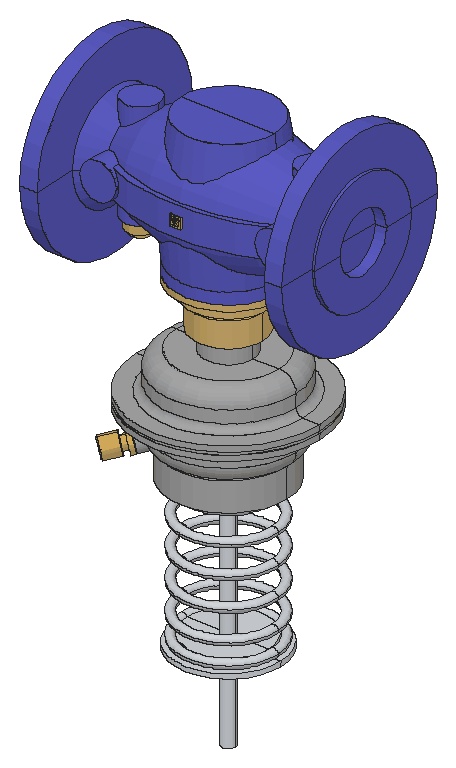
Revit family "Differenzdruckregler F_4007_HT_50-150kPa", category Rohrzubehör, Revit 2021
Family settings
  Bemaßung runder Anschluss = Durchmesser verwenden
  Teiletyp = Unterbricht
  OmniClass-Nummer = 23.65.55.14
  OmniClass-Titel = Valves for Liquid Services
  Arbeitsebenenbasiert = Nein
  Immer vertikal = Ja
  Beim Laden mit Abzugskörper schneiden = Nein
  Gemeinsam genutzt = Nein
Parameters
  Vorgabe-Ansicht = 0 mm
  Min. Betriebstemperatur (Frostschutz) = -10 °C  # constant formula
  Min. Betriebstemperatur = 2 °C  # constant formula
  Max. Betriebsdruck = 1600000.0 Pa  # constant formula
  Max. Betriebstemperatur = 150 °C  # constant formula
  URL = "www.herz-armaturen.at"
  Sollwertfeder = "EN 10270-1-SH"  # constant formula
  SCRNSEQ = "ARM;ARM_TYP=\"DIFR\";2"
  SCRNCODE = "05;03;02"  # constant formula
  S02 [instance] = H03 + H13  # 122 mm
  S01 [instance] = (2 * H02) + (2 * H04) + H05  # 72.7 mm
  R99 = 14 mm  # constant formula
  R98 = 6 mm  # constant formula
  R97 = 2 mm  # constant formula
  R02 = 15.5 mm  # constant formula
  R01 [instance] = size_lookup("4007_F_HT50-150", "R1", 45.5 mm, Nennweite)  # 45.5 mm
  R00 [instance] = size_lookup("4007_F_HT50-150", "R", 53 mm, Nennweite)  # 53 mm
  Nennweite [instance] = 50 mm
  Membrane und O-RInge = "EPDM"  # constant formula
  Medium = "Die Verwendung von Ethylen- und Propylenglykol ist im Mischungsverhältnis 25 - 50 % zulässig. Heizwasserqualität entsprechend ÖNORM H 5195 bzw. VDI-Richtlinie 2035"
  L05 [instance] = L04 - 6.3 mm  # 74.7 mm
  L04 [instance] = size_lookup("4007_F_HT50-150", "L4", 81 mm, Nennweite)  # 81 mm
  L03 = 10 mm  # constant formula
  L02 [instance] = size_lookup("4007_F_HT50-150", "L2", 15 mm, Nennweite)  # 15 mm
  L01 = 3 mm  # constant formula
  L00 [instance] = size_lookup("4007_F_HT50-150", "L", 115 mm, Nennweite)  # 115 mm
  Hersteller = "HERZ Armaturen Ges.m.b.H."  # constant formula
  H19 [instance] = size_lookup("4007_F_HT50-150", "H19", 9 mm, Nennweite)  # 424 mm
  H18 [instance] = H19 - 75 mm  # 349 mm
  H17 = 6 mm  # constant formula
  H16 = 10 mm  # constant formula
  H15 = 24.5 mm  # constant formula
  H14 = 5 mm  # constant formula
  H13 = 17 mm  # constant formula
  H12 [instance] = R00 + 4 mm  # 57 mm
  H11 [instance] = R00 + 10 mm  # 63 mm
  H10 = 5 mm  # constant formula
  H09 [instance] = size_lookup("4007_F_HT50-150", "H9", 9 mm, Nennweite)  # 9 mm
  H08 = 21 mm  # constant formula
  H07 [instance] = R00 + 23.4 mm  # 76.4 mm
  H06 [instance] = D12 + 15 mm  # 45.5 mm
  H05 = 2.5 mm  # constant formula
  H04 = 4.6 mm  # constant formula
  H03 [instance] = H08 + H09 + H10 + H11 + H14 + R97  # 105 mm
  H02 [instance] = size_lookup("4007_F_HT50-150", "H2", 30.5 mm, Nennweite)  # 30.5 mm
  H01 [instance] = size_lookup("4007_F_HT50-150", "H1", 210 mm, Nennweite)  # 205 mm
  Gehäuse = "Grauguss GJL250 nach EN 1561"  # constant formula
  Differenzdruck Einstellbereich = "50-150 kPa"  # constant formula
  DN65 [instance] = Nennweite = 65 mm  # no
  DN50 [instance] = Nennweite = 50 mm  # yes
  D17 = 6 mm  # constant formula
  D16 = 45 mm  # constant formula
  D15 = 35 mm  # constant formula
  D14 = 50 mm  # constant formula
  D13 [instance] = D11 + 10 mm  # 50 mm
  D12 [instance] = R01 - 15 mm  # 30.5 mm
  D11 [instance] = size_lookup("4007_F_HT50-150", "D11", 40 mm, Nennweite)  # 40 mm
  D10 [instance] = D11 + 5 mm  # 45 mm
  D09 [instance] = D11 - 5 mm  # 35 mm
  D08 = 24 mm  # constant formula
  D07 = 29.5 mm  # constant formula
  D06 [instance] = size_lookup("4007_F_HT50-150", "D6", 51 mm, Nennweite)  # 57.8 mm
  D05 [instance] = D04 - 1 mm  # 77 mm
  D04 [instance] = size_lookup("4007_F_HT50-150", "D4", 51 mm, Nennweite)  # 78 mm
  D03 = 21 mm  # constant formula
  D02 [instance] = Nennweite / 2  # 25 mm
  D01 [instance] = size_lookup("4007_F_HT50-150", "D1", 51 mm, Nennweite)  # 51 mm
  D00 [instance] = size_lookup("4007_F_HT50-150", "D", 82.5 mm, Nennweite)  # 82.5 mm
  Bestellnummer [instance] = if(Nennweite = 50 mm, "F400756", if(Nennweite = 65 mm, "F400757", "0"))  # "F400756"
  Ausführung = "Der Differenzdruckregler ist ein Proportionalregler in Geradsitzausführung und arbeitet ohne Hilfsenergie für Zweirohranlagen. Der gewünschte Differenzdruck- Sollwert kann zwischen 50 und 150 kPa stufenlos eingestellt werden."
  Anwendung = "Für Heizungs- und Kühlanlagen um den Differenzdruck innerhalb des regeltechnischen Bereiches konstant zu halten."
  Anschlussflansch = "EN 1092-2"  # constant formula
Reference planes
  plane 1 "Mitte (Vorne/hinten)": y = 0
  plane 2: z = -0.015
  plane 3 "Mitte (Links/rechts)": x = 0
Forms (mm)
  Revolve 1, solid, material "Herz-Marineblau", detail levels fine
    sketch origin (1065, 0, 0) x (1, 0, 0) y (0, 1, 0)
      loop
        line (-1177, 82.5) -> (-1177, 51) -> (-1180, 51) -> (-1180, 25) -> (-1170, 25) -> (-1170, 0) -> (-960, 0) -> (-960, 25) -> (-950, 25) -> (-950, 51) -> (-953, 51) -> (-953, 82.5) -> (-968, 82.5) -> (-968, 45.5) -> (-984, 30.5)
        arc (-984, 30.5) -> (-1065, 53) -> (-1146, 30.5) r 157.05
        line (-1146, 30.5) -> (-1162, 45.5) -> (-1162, 82.5) -> (-1177, 82.5)
      axis (-1180, 0) -> (-950, 0)
    angle from 0 to 360
  Extrusion 2, solid, material "Herz-Marineblau", detail levels fine
    sketch origin (0, 0, 0) x (1, 0, 0) y (0, 1, 0)
      loop
        circle (-74.7, 0) r 15.5
      loop
        circle (74.7, 0) r 15.5
    from -45.515 to 45.485
  Extrusion 3, solid, material "Herz-Marineblau", detail levels fine
    sketch origin (0, 0, 0) x (-1, 0, 0) y (0, 0, -1)
      loop
        circle (74.7, 0) r 15.5
      loop
        circle (-74.7, 0) r 15.5
    from -45.5 to 45.5
  Revolve 4, solid, material "Herz-Marineblau", detail levels fine
    sketch origin (92.737, 0, -45.97) x (1, 0, 0) y (0, 0, 1)
      loop
        line (-92.737, 102.955) -> (-92.737, -17.045) -> (-47.737, -17.045) -> (-47.737, -7.045) -> (-42.737, 45.97) -> (-52.737, 102.955) -> (-92.737, 102.955)
      axis (-92.737, 102.955) -> (-92.737, -17.045)
    angle from 0 to 360
  Revolve 5, solid, material "Messing", detail levels fine
    sketch origin (446.725, 0, 35.707) x (1, 0, 0) y (0, 0, 1)
      loop
        line (-446.725, -98.722) -> (-446.725, -140.722) -> (-417.225, -140.722) -> (-417.225, -119.722) -> (-422.725, -119.722) -> (-422.725, -114.722) -> (-411.725, -114.722) -> (-411.725, -105.722)
        arc (-411.725, -105.722) -> (-411.14, -104.308) -> (-409.725, -103.722) r 2
        line (-409.725, -103.722) -> (-401.725, -103.722) -> (-401.725, -98.722) -> (-446.725, -98.722)
      axis (-446.725, -140.722) -> (-446.725, -98.722)
    angle from 0 to 360
  Revolve 6, solid, material "Aluminium", detail levels fine
    sketch origin (925.114, 0, 19.41) x (1, 0, 0) y (0, 0, 1)
      loop
        line (-925.114, -124.425) -> (-925.114, -238.625) -> (-875.114, -238.625) -> (-875.114, -214.125) -> (-881.314, -214.125)
        arc (-881.314, -214.125) -> (-871.414, -210.025) -> (-867.314, -200.125) r 14
        line (-867.314, -200.125) -> (-867.314, -189.625)
        arc (-867.314, -189.625) -> (-865.556, -185.383) -> (-861.314, -183.625) r 6
        line (-861.314, -183.625) -> (-847.114, -183.625) -> (-847.114, -179.025) -> (-848.114, -179.025) -> (-848.114, -176.525) -> (-847.114, -176.525) -> (-847.114, -171.925) -> (-861.314, -171.925)
        arc (-861.314, -171.925) -> (-865.556, -170.168) -> (-867.314, -165.925) r 6
        line (-867.314, -165.925) -> (-867.314, -155.425)
        arc (-867.314, -155.425) -> (-871.414, -145.526) -> (-881.314, -141.425) r 14
        line (-881.314, -141.425) -> (-904.114, -141.425) -> (-904.114, -124.425) -> (-925.114, -124.425)
      axis (-925.114, -124.425) -> (-925.114, -238.625)
    angle from 0 to 360
  Extrusion 7, solid, material "Herz-Marineblau", visible <- "DN50", detail levels fine
    sketch origin (0, 0, 0) x (1, 0, 0) y (0, 1, 0)
      loop
        arc (-74.7, -37.498) -> (0, -56) -> (74.7, -37.498) r 160.05
        line (74.7, -37.498) -> (74.7, 37.498)
        arc (74.7, 37.498) -> (0, 56) -> (-74.7, 37.498) r 160.05
        line (-74.7, 37.498) -> (-74.7, -37.498)
    from -12.5 to 12.5
  Extrusion 8, solid, material "Herz-Marineblau", visible <- "DN65", detail levels fine
    sketch origin (0, 0, 0) x (1, 0, 0) y (0, 1, 0)
      loop
        arc (-104.7, -46.589) -> (0, -68) -> (104.7, -46.589) r 266.699
        line (104.7, -46.589) -> (104.7, 46.589)
        arc (104.7, 46.589) -> (0, 68) -> (-104.7, 46.589) r 266.699
        line (-104.7, 46.589) -> (-104.7, -46.589)
    from -12.5 to 12.5
  Revolve 9, solid, detail levels fine
    sketch origin (0, 0, 0) x (1, 0, 0) y (0, 0, 1)
      loop
        line (0, -349.015) -> (45, -349.015) -> (45, -345.015) -> (35, -345.015) -> (35, -339.015) -> (0, -339.015) -> (0, -349.015)
      axis (0, -339.015) -> (0, -349.015)
    angle from 0 to 360
  Revolve 10, solid, detail levels fine
    sketch origin (0, 0, 0) x (1, 0, 0) y (0, 0, 1)
      loop
        line (0, -214.615) -> (0, -424.015) -> (6, -424.015) -> (6, -214.615) -> (0, -214.615)
      axis (0, -214.615) -> (0, -424.015)
    angle from 0 to 360
  Sweep 11, solid, visible <- "DN50", detail levels fine
    path in 3D
      loop
        arc (-39, 0, -222.715) -> (0, -39, -222.715) -> (39, 0, -222.715) r 39
        arc (39, 0, -222.715) -> (0, 39, -222.715) -> (-39, 0, -222.715) r 39
    profile origin (0, 39, -222.715) x (0, -1, 0) y (0, 0, 1)
      loop
        circle (0, 0) r 3.5
  Sweep 12, solid, visible <- "DN65", detail levels fine
    path in 3D
      loop
        arc (-39, 0, -234.715) -> (0, -39, -234.715) -> (39, 0, -234.715) r 39
        arc (39, 0, -234.715) -> (0, 39, -234.715) -> (-39, 0, -234.715) r 39
    profile origin (0, 39, -234.715) x (0, -1, 0) y (0, 0, 1)
      loop
        circle (0, 0) r 3.5
  Sweep 13, solid, visible <- "DN50", detail levels fine
    path in 3D
      loop
        arc (-39, 0, -247.715) -> (0, -39, -247.715) -> (39, 0, -247.715) r 39
        arc (39, 0, -247.715) -> (0, 39, -247.715) -> (-39, 0, -247.715) r 39
    profile origin (0, 39, -247.715) x (0, -1, 0) y (0, 0, 1)
      loop
        circle (0, 0) r 3.5
  Sweep 14, solid, visible <- "DN50", detail levels fine
    path in 3D
      loop
        arc (-39, 0, -272.715) -> (0, -39, -272.715) -> (39, 0, -272.715) r 39
        arc (39, 0, -272.715) -> (0, 39, -272.715) -> (-39, 0, -272.715) r 39
    profile origin (0, 39, -272.715) x (0, -1, 0) y (0, 0, 1)
      loop
        circle (0, 0) r 3.5
  Sweep 15, solid, visible <- "DN50", detail levels fine
    path in 3D
      loop
        arc (-39, 0, -297.715) -> (0, -39, -297.715) -> (39, 0, -297.715) r 39
        arc (39, 0, -297.715) -> (0, 39, -297.715) -> (-39, 0, -297.715) r 39
    profile origin (0, 39, -297.715) x (0, -1, 0) y (0, 0, 1)
      loop
        circle (0, 0) r 3.5
  Sweep 16, solid, visible <- "DN50", detail levels fine
    path in 3D
      loop
        arc (-39, 0, -322.715) -> (0, -39, -322.715) -> (39, 0, -322.715) r 39
        arc (39, 0, -322.715) -> (0, 39, -322.715) -> (-39, 0, -322.715) r 39
    profile origin (0, 39, -322.715) x (0, -1, 0) y (0, 0, 1)
      loop
        circle (0, 0) r 3.5
  Sweep 17, solid, visible <- "DN50", detail levels fine
    path in 3D
      loop
        arc (-39, 0, -340.715) -> (0, -39, -340.715) -> (39, 0, -340.715) r 39
        arc (39, 0, -340.715) -> (0, 39, -340.715) -> (-39, 0, -340.715) r 39
    profile origin (0, 39, -340.715) x (0, -1, 0) y (0, 0, 1)
      loop
        circle (0, 0) r 3.5
  Sweep 18, solid, visible <- "DN65", detail levels fine
    path in 3D
      loop
        arc (-39, 0, -259.715) -> (0, -39, -259.715) -> (39, 0, -259.715) r 39
        arc (39, 0, -259.715) -> (0, 39, -259.715) -> (-39, 0, -259.715) r 39
    profile origin (0, 39, -259.715) x (0, -1, 0) y (0, 0, 1)
      loop
        circle (0, 0) r 3.5
  Sweep 19, solid, visible <- "DN65", detail levels fine
    path in 3D
      loop
        arc (-39, 0, -284.715) -> (0, -39, -284.715) -> (39, 0, -284.715) r 39
        arc (39, 0, -284.715) -> (0, 39, -284.715) -> (-39, 0, -284.715) r 39
    profile origin (0, 39, -284.715) x (0, -1, 0) y (0, 0, 1)
      loop
        circle (0, 0) r 3.5
  Sweep 20, solid, visible <- "DN65", detail levels fine
    path in 3D
      loop
        arc (-39, 0, -309.715) -> (0, -39, -309.715) -> (39, 0, -309.715) r 39
        arc (39, 0, -309.715) -> (0, 39, -309.715) -> (-39, 0, -309.715) r 39
    profile origin (0, 39, -309.715) x (0, -1, 0) y (0, 0, 1)
      loop
        circle (0, 0) r 3.5
  Sweep 21, solid, visible <- "DN65", detail levels fine
    path in 3D
      loop
        arc (-39, 0, -334.715) -> (0, -39, -334.715) -> (39, 0, -334.715) r 39
        arc (39, 0, -334.715) -> (0, 39, -334.715) -> (-39, 0, -334.715) r 39
    profile origin (0, 39, -334.715) x (0, -1, 0) y (0, 0, 1)
      loop
        circle (0, 0) r 3.5
  Sweep 22, solid, visible <- "DN65", detail levels fine
    path in 3D
      loop
        arc (-39, 0, -341.715) -> (0, -39, -341.715) -> (39, 0, -341.715) r 39
        arc (39, 0, -341.715) -> (0, 39, -341.715) -> (-39, 0, -341.715) r 39
    profile origin (0, 39, -341.715) x (0, -1, 0) y (0, 0, 1)
      loop
        circle (0, 0) r 3.5
  Revolve 23, solid, material "Messing, weicher Gelbton, geschweißt", visible <- "DN50", detail levels fine
    sketch origin (4.769, 5.029, 17.574) x (-0.707107, -0.707107, 0) y (0, 0, -1)
      loop
        line (70.524, 205.006) -> (72.604, 195.224) -> (76.516, 196.056) -> (75.643, 200.164) -> (80.534, 201.204) -> (81.133, 198.384) -> (94.817, 201.293) -> (95.511, 202.887) -> (94, 209.996) -> (70.524, 205.006)
      axis (94, 209.996) -> (70.524, 205.006)
    angle from 0 to 360
  Revolve 24, solid, material "Aluminium", visible <- "DN50", detail levels fine
    sketch origin (-31.293, -31.034, 6.734) x (-0.707107, -0.707107, 0) y (0, 0, -1)
      loop
        line (19.524, 194.165) -> (-44.055, 180.651) -> (-42.08, 171.359) -> (21.5, 184.873) -> (19.524, 194.165)
      axis (-44.055, 180.651) -> (19.524, 194.165)
    angle from 0 to 360
  Revolve 25, solid, material "Messing, weicher Gelbton, geschweißt", visible <- "DN65", detail levels fine
    sketch origin (4.769, 5.029, 5.574) x (-0.707107, -0.707107, 0) y (0, 0, -1)
      loop
        line (70.524, 205.006) -> (72.604, 195.224) -> (76.516, 196.056) -> (75.643, 200.164) -> (80.534, 201.204) -> (81.133, 198.384) -> (94.817, 201.293) -> (95.511, 202.887) -> (94, 209.996) -> (70.524, 205.006)
      axis (94, 209.996) -> (70.524, 205.006)
    angle from 0 to 360
  Revolve 26, solid, material "Aluminium", visible <- "DN65", detail levels fine
    sketch origin (-31.293, -31.034, -5.266) x (-0.707107, -0.707107, 0) y (0, 0, -1)
      loop
        line (19.524, 194.165) -> (-44.055, 180.651) -> (-42.08, 171.359) -> (21.5, 184.873) -> (19.524, 194.165)
      axis (-44.055, 180.651) -> (19.524, 194.165)
    angle from 0 to 360
  Revolve 27, solid, material "Messing, weicher Gelbton, geschweißt", detail levels fine
    sketch origin (30, 0, 10) x (1, 0, 0) y (0, 0, 1)
      loop
        line (-104.7, -55.515) -> (-116.7, -55.515) -> (-116.7, -64.515) -> (-113.7, -64.515) -> (-113.7, -68.015) -> (-104.7, -68.015) -> (-104.7, -55.515)
      axis (-104.7, -68.015) -> (-104.7, -55.515)
    angle from 0 to 360
  Revolve 28, solid, material "Messing, weicher Gelbton, geschweißt", detail levels fine
    sketch origin (-30, 0, 10) x (-1, 0, 0) y (0, 0, -1)
      loop
        line (-104.7, 55.515) -> (-104.7, 68.015) -> (-113.7, 68.015) -> (-113.7, 64.515) -> (-116.7, 64.515) -> (-116.7, 55.515) -> (-104.7, 55.515)
      axis (-104.7, 68.015) -> (-104.7, 55.515)
    angle from 0 to 360
Lines and regions (mm)
  model lines, detail levels coarse+medium
    curve 1: line (-115, 0, 82.485) -> (-115, 0, -82.515)
    curve 2: line (-115, 0, -82.515) -> (115, 0, 82.485)
    curve 3: line (115, 0, 82.485) -> (115, 0, -82.515)
    curve 4: line (115, 0, -82.515) -> (-115, 0, 82.485)
    curve 5: line (-57.5, 0, -41.265) -> (0, 0, -82.515)
    curve 6: line (0, 0, -82.515) -> (57.5, 0, -41.265)
    curve 7: line (0, 0, -82.515) -> (0, 0, -122.015)
    curve 8: spline (-78, 0, -158.365) -> (-75.342, 0, -148.957) -> (-67.55, 0, -140.19) -> (-55.154, 0, -132.662) -> (-39, 0, -126.885) -> (-20.188, 0, -123.254) -> (0, 0, -122.015) -> (20.188, 0, -123.254) -> (39, 0, -126.885) -> (55.154, 0, -132.662) -> (67.55, 0, -140.19) -> (75.342, 0, -148.957) -> (78, 0, -158.365) -> (75.342, 0, -167.773) -> (67.55, 0, -176.54) -> (55.154, 0, -184.069) -> (39, 0, -189.845) -> (20.188, 0, -193.477) -> (0, 0, -194.715) -> (-20.188, 0, -193.477) -> (-39, 0, -189.845) -> (-55.154, 0, -184.069) -> (-67.55, 0, -176.54) -> (-75.342, 0, -167.773) -> (-78, 0, -158.365)
    curve 9: line (-115, -82.5, 0) -> (-115, 82.5, 0)
    curve 10: line (-115, 82.5, 0) -> (115, -82.5, 0)
    curve 11: line (115, -82.5, 0) -> (115, 82.5, 0)
    curve 12: line (115, 82.5, 0) -> (-115, -82.5, 0)
    curve 13: line (-57.5, -41.25, 0) -> (0, -82.5, 0)
    curve 14: line (0, -82.5, 0) -> (57.5, -41.25, 0)
    curve 15: line (0, -82.5, 0) -> (0, -122, 0)
    curve 16: spline (-78, -158.35, 0) -> (-75.342, -148.942, 0) -> (-67.55, -140.175, 0) -> (-55.154, -132.647, 0) -> (-39, -126.87, 0) -> (-20.188, -123.239, 0) -> (0, -122, 0) -> (20.188, -123.239, 0) -> (39, -126.87, 0) -> (55.154, -132.647, 0) -> (67.55, -140.175, 0) -> (75.342, -148.942, 0) -> (78, -158.35, 0) -> (75.342, -167.758, 0) -> (67.55, -176.525, 0) -> (55.154, -184.053, 0) -> (39, -189.83, 0) -> (20.188, -193.461, 0) -> (0, -194.7, 0) -> (-20.188, -193.461, 0) -> (-39, -189.83, 0) -> (-55.154, -184.053, 0) -> (-67.55, -176.525, 0) -> (-75.342, -167.758, 0) -> (-78, -158.35, 0)
  sketch lines
    curve 17: circle (0, 0, -222.715) r 39 normal (0, 0, 1)
    curve 19: circle (0, 0, -234.715) r 39 normal (0, 0, 1)
    curve 22: circle (0, 0, -247.715) r 39 normal (0, 0, 1)
    curve 23: circle (0, 0, -272.715) r 39 normal (0, 0, 1)
    curve 24: circle (0, 0, -297.715) r 39 normal (0, 0, 1)
    curve 25: circle (0, 0, -322.715) r 39 normal (0, 0, 1)
    curve 26: circle (0, 0, -340.715) r 39 normal (0, 0, 1)
    curve 27: circle (0, 0, -259.715) r 39 normal (0, 0, 1)
    curve 28: circle (0, 0, -284.715) r 39 normal (0, 0, 1)
    curve 29: circle (0, 0, -309.715) r 39 normal (0, 0, 1)
    curve 30: circle (0, 0, -334.715) r 39 normal (0, 0, 1)
    curve 31: circle (0, 0, -341.715) r 39 normal (0, 0, 1)
  model lines, visible <- "DN50", detail levels coarse+medium
    curve 18: line (-39, 0, -219.215) -> (39, 0, -219.215)
  model lines, visible <- "DN65", detail levels fine
    curve 20: line (-39, 0, -231.215) -> (39, 0, -231.215)
  model lines, not visible, detail levels fine
    curve 21: line (-39, 0, -238.215) -> (39, 0, -238.215)
Dimensions and locks
  "H06": Extrusion 3 to plane 1 "Mitte (Vorne/hinten)" to Extrusion 3  (x2)
  "L02": Revolve 1 sketch curve to Revolve 1 sketch curve  (x2)
  "L01": Revolve 1 sketch curve to Revolve 1 sketch curve  (x2)
  "L00": Revolve 1 sketch curve to plane 3 "Mitte (Links/rechts)" to Revolve 1 sketch curve
  "L03": Revolve 1 sketch curve to Revolve 1 sketch curve  (x2)
  "D02": plane 1 "Mitte (Vorne/hinten)" to Revolve 1 sketch curve  (x2)
  "L04": plane 3 "Mitte (Links/rechts)" to Revolve 1 sketch curve
  "R01": plane 1 "Mitte (Vorne/hinten)" to Revolve 1 sketch curve
  "D01": plane 1 "Mitte (Vorne/hinten)" to Revolve 1 sketch curve  (x2)
  "D00": plane 1 "Mitte (Vorne/hinten)" to Revolve 1 sketch curve  (x2)
  "H06": Extrusion 2 to plane 2 to Extrusion 2  (x2)
  "L04": Revolve 1 sketch curve to plane 3 "Mitte (Links/rechts)"
  "R00": Revolve 1 sketch curve to Revolve 1 sketch curve
  "R01": Revolve 1 sketch curve to Revolve 1 sketch curve
  "D05": Revolve 6 sketch curve to Revolve 6 sketch curve
  "D04": Revolve 6 sketch curve to Revolve 6 sketch curve  (x2)
  "H04": Revolve 6 sketch curve to Revolve 6 sketch curve  (x2)
  "H05": Revolve 6 sketch curve to Revolve 6 sketch curve
  "H02": Revolve 6 sketch curve to Revolve 6 sketch curve  (x2)
  "H03": plane 2 to Revolve 6 sketch curve
  "D06": Revolve 6 sketch curve to Revolve 6 sketch curve
  "D03": Revolve 6 sketch curve to Revolve 6 sketch curve
  "D07": Revolve 5 sketch curve to Revolve 5 sketch curve
  "D08": Revolve 5 sketch curve to Revolve 5 sketch curve
  "H08": Revolve 5 sketch curve to Revolve 5 sketch curve
  "D09": Revolve 5 sketch curve to Revolve 5 sketch curve
  "D10": Revolve 5 sketch curve to Revolve 5 sketch curve
  "H10": Revolve 5 sketch curve to Revolve 5 sketch curve
  "H11": plane 2 to Revolve 4 sketch curve
  "H11": plane 2 to Revolve 5 sketch curve
  "D10": Revolve 4 sketch curve to Revolve 4 sketch curve
  "H12": Revolve 4 sketch curve to plane 2
  "L05": Extrusion 2 sketch curve to plane 3 "Mitte (Links/rechts)"
  "L05": plane 3 "Mitte (Links/rechts)" to Extrusion 2 sketch curve
  "L05": plane 3 "Mitte (Links/rechts)" to Extrusion 3 sketch curve
  "L05": Extrusion 3 sketch curve to plane 3 "Mitte (Links/rechts)"
  "D12": Revolve 1 sketch curve to Revolve 1 sketch curve  (x2)
  "D06": plane 3 "Mitte (Links/rechts)" to Revolve 6 sketch curve
  "R00": plane 2 to Revolve 4 sketch curve
  "D11": Revolve 4 sketch curve to Revolve 4 sketch curve
  "D13": Revolve 4 sketch curve to Revolve 4 sketch curve
  "H13": Revolve 6 sketch curve to Revolve 6 sketch curve
  "H14": Revolve 5 sketch curve to Revolve 5 sketch curve
  "H09": Revolve 5 sketch curve to Revolve 5 sketch curve
  "H03": plane 2 to Revolve 5 sketch curve
  "D14": Revolve 6 sketch curve to plane 3 "Mitte (Links/rechts)"
  "H15": Revolve 6 sketch curve to Revolve 6 sketch curve
  "H16": Revolve 9 sketch curve to Revolve 9 sketch curve
  "D15": Revolve 9 sketch curve to Revolve 9 sketch curve
  "D16": Revolve 9 sketch curve to Revolve 9 sketch curve
  "H17": Revolve 9 sketch curve to Revolve 9 sketch curve
  "D17": Revolve 10 sketch curve to Revolve 10 sketch curve
  "L00": curve 1 to plane 3 "Mitte (Links/rechts)" to curve 3
  "D00": curve 4 to plane 2 to curve 2
  "D00": curve 3 to plane 2 to curve 4
  equal spacing: plane 3 "Mitte (Links/rechts)", curve 5, curve 2
  equal spacing: curve 4, curve 6, plane 3 "Mitte (Links/rechts)"
  "D00": plane 2 to curve 6
  "S02": plane 2 to curve 7
  "S01": curve 8 to curve 8
  "D04": plane 3 "Mitte (Links/rechts)" to curve 8
  "S02": plane 2 to curve 8
  "L00": curve 9 to plane 3 "Mitte (Links/rechts)" to curve 11
  "D00": curve 12 to plane 1 "Mitte (Vorne/hinten)" to curve 10
  "D00": curve 11 to plane 1 "Mitte (Vorne/hinten)" to curve 12
  equal spacing: plane 3 "Mitte (Links/rechts)", curve 13, curve 12
  equal spacing: plane 3 "Mitte (Links/rechts)", curve 14, curve 11
  "D00": curve 14 to plane 1 "Mitte (Vorne/hinten)"
  "S02": curve 15 to plane 1 "Mitte (Vorne/hinten)"
  "S01": curve 16 to curve 16
  "D04": curve 16 to plane 3 "Mitte (Links/rechts)"
  "S02": curve 16 to plane 1 "Mitte (Vorne/hinten)"
  "H18": plane 2 to Revolve 9 sketch curve
  "H19": plane 2 to Revolve 10 sketch curve
  Revolve 27 sketch curve to Revolve 27 sketch curve = 9 mm  (x2)
  Revolve 27 sketch curve to Revolve 27 sketch curve = 12.5 mm
  Revolve 27 sketch curve to Revolve 27 sketch curve = 12 mm
  "H06": plane 2 to Revolve 27 sketch curve
  "L05": plane 3 "Mitte (Links/rechts)" to Revolve 27 sketch curve
  Revolve 28 sketch curve to Revolve 28 sketch curve = 9 mm  (x2)
  Revolve 28 sketch curve to Revolve 28 sketch curve = 12.5 mm
  Revolve 28 sketch curve to Revolve 28 sketch curve = 12 mm
  "L05": Revolve 28 sketch curve to plane 3 "Mitte (Links/rechts)"
  "H06": plane 2 to Revolve 28 sketch curve
  "R99": radius of Revolve 6 sketch curve  (x2)
  "R98": radius of Revolve 6 sketch curve  (x2)
  "R02": radius of Extrusion 2 sketch curve  (x2)
  "R02": radius of Extrusion 3 sketch curve  (x2)
  "R97": radius of Revolve 5 sketch curve
  aligned and locked: level to plane 2
Automatic sketch dimensions
  Extrusion 7 sketch curve to plane 3 "Mitte (Links/rechts)" = 0 mm  (x2)
  Extrusion 7 sketch curve to plane 3 "Mitte (Links/rechts)" = 74.7 mm
  Extrusion 7 sketch curve to plane 1 "Mitte (Vorne/hinten)" = 37.498 mm
  plane 3 "Mitte (Links/rechts)" to Extrusion 7 sketch curve = 74.7 mm
  plane 1 "Mitte (Vorne/hinten)" to Extrusion 7 sketch curve = 37.498 mm
  Extrusion 7 sketch curve to Extrusion 7 sketch curve = 66.552 mm  (x2)
  Extrusion 8 sketch curve to plane 3 "Mitte (Links/rechts)" = 0 mm  (x2)
  plane 1 "Mitte (Vorne/hinten)" to Extrusion 8 sketch curve = 46.589 mm
  Extrusion 8 sketch curve to plane 3 "Mitte (Links/rechts)" = 104.7 mm
  Extrusion 8 sketch curve to plane 1 "Mitte (Vorne/hinten)" = 46.589 mm
  plane 3 "Mitte (Links/rechts)" to Extrusion 8 sketch curve = 104.7 mm
  Extrusion 8 sketch curve to Extrusion 8 sketch curve = 152.11 mm  (x2)
  curve 21 to plane 3 "Mitte (Links/rechts)" = 39 mm
  curve 21 to plane 2 = 238.2 mm
  curve 20 to curve 21 = 0 mm  (x2)
  curve 18 to curve 20 = 0 mm  (x2)
  plane 3 "Mitte (Links/rechts)" to curve 20 = 39 mm
  curve 21 to curve 20 = 7 mm
  curve 20 to curve 18 = 12 mm
  Sweep 11 sketch curve to profile plane = 0 mm  (x2)
  Sweep 12 sketch curve to profile plane = 0 mm  (x2)
  Sweep 13 sketch curve to profile plane = 0 mm  (x2)
  Sweep 14 sketch curve to profile plane = 0 mm  (x2)
  Sweep 15 sketch curve to profile plane = 0 mm  (x2)
  Sweep 16 sketch curve to profile plane = 0 mm  (x2)
  Sweep 17 sketch curve to profile plane = 0 mm  (x2)
  Sweep 18 sketch curve to profile plane = 0 mm  (x2)
  Sweep 19 sketch curve to profile plane = 0 mm  (x2)
  Sweep 20 sketch curve to profile plane = 0 mm  (x2)
  Sweep 21 sketch curve to profile plane = 0 mm  (x2)
  Sweep 22 sketch curve to profile plane = 0 mm  (x2)
  Revolve 23 sketch curve to plane 2 = 187.416 mm
  Revolve 23 sketch curve to plane 2 = 177.635 mm
  Revolve 23 sketch curve to Revolve 23 sketch curve = 2.079 mm
  Revolve 23 sketch curve to plane 2 = 182.575 mm
  Revolve 23 sketch curve to Revolve 23 sketch curve = 3.039 mm
  Revolve 23 sketch curve to plane 2 = 183.614 mm
  Revolve 23 sketch curve to plane 2 = 180.795 mm
  Revolve 23 sketch curve to plane 2 = 192.406 mm
  Revolve 23 sketch curve to plane 2 = 183.704 mm
  Revolve 23 sketch curve to plane 2 = 185.297 mm
  Revolve 23 sketch curve to plane 2 = 187.419 mm
  Revolve 23 sketch curve to Revolve 23 sketch curve = 0.015 mm
  Revolve 23 sketch curve to plane 2 = 189.733 mm
  Revolve 23 sketch curve to Revolve 23 sketch curve = 0.89 mm
  Revolve 24 sketch curve to plane 2 = 173.902 mm
  Revolve 24 sketch curve to plane 2 = 164.61 mm
  Revolve 24 sketch curve to Revolve 24 sketch curve = 1.975 mm
  Revolve 24 sketch curve to plane 2 = 187.416 mm
  Revolve 24 sketch curve to plane 2 = 183.266 mm
  Revolve 24 sketch curve to Revolve 24 sketch curve = 19.524 mm
  Revolve 24 sketch curve to plane 2 = 198.257 mm
  Revolve 24 sketch curve to Revolve 24 sketch curve = 51 mm
  Revolve 25 sketch curve to plane 2 = 199.416 mm
  Revolve 25 sketch curve to plane 2 = 189.635 mm
  Revolve 25 sketch curve to Revolve 25 sketch curve = 2.079 mm
  Revolve 25 sketch curve to plane 2 = 194.575 mm
  Revolve 25 sketch curve to Revolve 25 sketch curve = 3.039 mm
  Revolve 25 sketch curve to plane 2 = 195.614 mm
  Revolve 25 sketch curve to plane 2 = 192.795 mm
  Revolve 25 sketch curve to plane 2 = 204.406 mm
  Revolve 25 sketch curve to plane 2 = 195.704 mm
  Revolve 25 sketch curve to plane 2 = 197.297 mm
  Revolve 25 sketch curve to plane 2 = 199.419 mm
  Revolve 25 sketch curve to Revolve 25 sketch curve = 0.015 mm
  Revolve 25 sketch curve to plane 2 = 201.733 mm
  Revolve 25 sketch curve to Revolve 25 sketch curve = 0.89 mm
  Revolve 26 sketch curve to plane 2 = 185.902 mm
  Revolve 26 sketch curve to plane 2 = 176.61 mm
  Revolve 26 sketch curve to Revolve 26 sketch curve = 1.975 mm
  Revolve 26 sketch curve to plane 2 = 199.416 mm
  Revolve 26 sketch curve to plane 2 = 195.266 mm
  Revolve 26 sketch curve to Revolve 26 sketch curve = 19.524 mm
  Revolve 26 sketch curve to plane 2 = 210.257 mm
  Revolve 26 sketch curve to Revolve 26 sketch curve = 51 mm
  curve 8 to plane 3 "Mitte (Links/rechts)" = 0 mm
  curve 7 to plane 3 "Mitte (Links/rechts)" = 0 mm
  curve 16 to plane 3 "Mitte (Links/rechts)" = 0 mm
  curve 15 to plane 3 "Mitte (Links/rechts)" = 0 mm
  plane 1 "Mitte (Vorne/hinten)" to Revolve 1 sketch curve = 0 mm  (x2)
  Revolve 1 sketch curve to Revolve 1 sketch curve = 35 mm
  Revolve 1 sketch curve to Revolve 1 sketch curve = 30 mm
  plane 1 "Mitte (Vorne/hinten)" to Extrusion 2 sketch curve = 0 mm  (x2)
  Extrusion 3 sketch curve to level = 0 mm  (x2)
  Revolve 4 sketch curve to plane 3 "Mitte (Links/rechts)" = 0 mm  (x2)
  Revolve 4 sketch curve to level = 0 mm
  Revolve 4 sketch curve to plane 2 = 25.895 mm
  level to Revolve 4 sketch curve = 24.09 mm
  Revolve 5 sketch curve to plane 3 "Mitte (Links/rechts)" = 0 mm  (x2)
  Revolve 5 sketch curve to Revolve 5 sketch curve = 8.988 mm
  Revolve 5 sketch curve to Revolve 5 sketch curve = 0 mm
  Revolve 6 sketch curve to plane 3 "Mitte (Links/rechts)" = 0 mm  (x2)
  Revolve 6 sketch curve to Revolve 6 sketch curve = 0 mm
  Revolve 6 sketch curve to Revolve 6 sketch curve = 9.421 mm
  Revolve 9 sketch curve to plane 3 "Mitte (Links/rechts)" = 0 mm  (x2)
  Revolve 9 sketch curve to plane 2 = 112.329 mm
  level to Revolve 9 sketch curve = 2214.315 mm
  Revolve 10 sketch curve to plane 3 "Mitte (Links/rechts)" = 0 mm  (x2)
  Revolve 10 sketch curve to Revolve 10 sketch curve = 209.4 mm
  Revolve 10 sketch curve to Revolve 10 sketch curve = 17.86 mm
  level to Revolve 10 sketch curve = 2214.315 mm
  Revolve 27 sketch curve to Revolve 27 sketch curve = 0 mm  (x3)
  Revolve 28 sketch curve to Revolve 28 sketch curve = 0 mm  (x3)
  radius of Sweep 11 sketch curve = 3.5 mm
  radius of Sweep 12 sketch curve = 3.5 mm
  radius of Sweep 13 sketch curve = 3.5 mm
  radius of Sweep 14 sketch curve = 3.5 mm
  radius of Sweep 15 sketch curve = 3.5 mm
  radius of Sweep 16 sketch curve = 3.5 mm
  radius of Sweep 17 sketch curve = 3.5 mm
  radius of Sweep 18 sketch curve = 3.5 mm
  radius of Sweep 19 sketch curve = 3.5 mm
  radius of Sweep 20 sketch curve = 3.5 mm
  radius of Sweep 21 sketch curve = 3.5 mm
  radius of Sweep 22 sketch curve = 3.5 mm
Nested families
  nested 1: "Herz-Logo-vorne" at (-0.018, -56, 0) x (0, 1, 0) z (0, 0, 1), visible <- "DN50", type "Herz-Logo-vorne", detail levels fine
  nested 2: "Herz-Logo-vorne" at (-0.018, -67.982, 0) x (0, 1, 0) z (0, 0, 1), visible <- "DN65", type "Herz-Logo-vorne", detail levels fine
Connectors
  piping at (-115, 0, 0), diameter 50, driven by "Nennweite"
    settings: on Revolve 1, index 1, connector inside diameter 609.6 mm, connector length 0 mm, flow factor 0, pipe flow 0.0 L/s, pressure drop 0.0 Pa, fitting loss kfactor 0, connector angle 0.00°, fixture units 0, engagement length 0 mm, angle of deflection 0.00°, flow configuration 0, flow direction 2, fitting loss method 0, system type 29, joint type 0, gender type 0, connector reference index -1, connector utility 0, adjustable connector no, is connector primary yes, connector description ""
  piping at (115, 0, 0), diameter 50, driven by "Nennweite"
    settings: on Revolve 1, index 2, connector inside diameter 609.6 mm, connector length 0 mm, flow factor 0, pipe flow 0.0 L/s, pressure drop 0.0 Pa, fitting loss kfactor 0, connector angle 0.00°, fixture units 0, engagement length 0 mm, angle of deflection 0.00°, flow configuration 0, flow direction 1, fitting loss method 0, system type 29, joint type 0, gender type 0, connector reference index -1, connector utility 0, adjustable connector no, is connector primary no, connector description ""
Definition of nested family "Herz-Logo-vorne"
  Parameters (values of type "Herz-Logo-vorne")
    Default Elevation = 0 mm
  Reference planes
    plane 1 "Mitte (Vorne/hinten)": y = 0
    plane 2: z = 0
    plane 3 "Mitte (Links/rechts)": x = 0
  Forms (mm)
    Extrusion 1, solid
      sketch origin (0.732, -0.018, 0.017) x (0, -1, 0) y (0, 0, 1)
        loop
          line (-0.018, -4.517) -> (4.482, -4.517) -> (4.482, 4.483) -> (-4.518, 4.483) -> (-4.518, -4.517) -> (-0.018, -4.517)
        loop
          line (-0.05, -3.48) -> (3.482, -3.48) -> (3.482, 3.483) -> (-3.518, 3.483) -> (-3.518, -3.48) -> (-0.05, -3.48)
        loop
          arc (-0.018, 2.383) -> (-1.543, 3.287) -> (-3.067, 2.383) r 1.738
          arc (-3.067, 2.383) -> (-3.191, 1.899) -> (-3.067, 1.415) r 1.009
          line (-3.067, 1.415) -> (-0.018, -3.281) -> (3.032, 1.415)
          arc (3.032, 1.415) -> (3.156, 1.899) -> (3.032, 2.383) r 1.009
          arc (3.032, 2.383) -> (1.507, 3.287) -> (-0.018, 2.383) r 1.738
        loop
          arc (1.885, 1.272) -> (2.005, 1.675) -> (1.885, 2.079) r 0.74
          arc (1.885, 2.079) -> (1.265, 2.416) -> (0.644, 2.079) r 0.74
          line (0.644, 2.079) -> (-0.018, 0.97) -> (-0.679, 2.079)
          arc (-0.679, 2.079) -> (-1.3, 2.416) -> (-1.921, 2.079) r 0.74
          arc (-1.921, 2.079) -> (-2.04, 1.675) -> (-1.921, 1.272) r 0.74
          line (-1.921, 1.272) -> (-0.018, -1.658) -> (1.885, 1.272)
      from 0 to 1.5
  Dimensions and locks
    aligned and locked: level to plane 2
